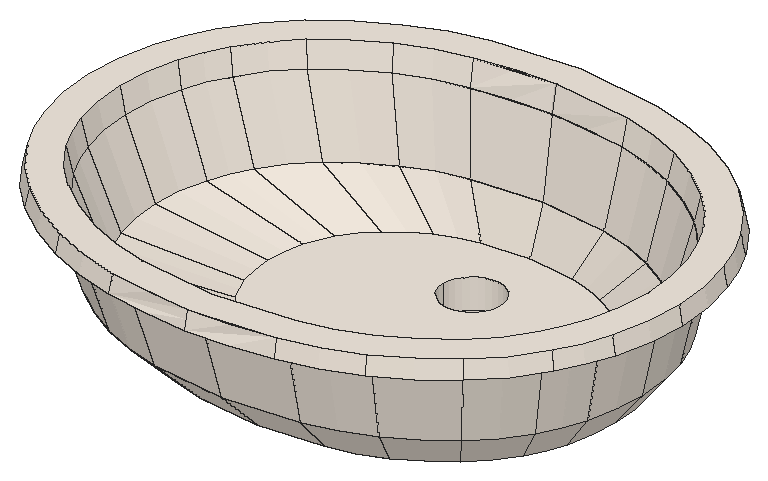
Revit family "Lav-Corian-North_America-Accessible-810", category Plumbing Fixtures, host Face, Revit 2015 (continued)
Automatic sketch dimensions
  SweptBlend 7 sketch curve to SweptBlend 7 sketch curve = 0' - 0.2937"  (x3)
  SweptBlend 7 sketch curve to SweptBlend 7 sketch curve = 0' - 0.19288"  (x2)
  SweptBlend 7 sketch curve to plane 3 "Center (Left/Right)" = 0' - 0.79283"  (x2)
  SweptBlend 7 sketch curve to SweptBlend 7 sketch curve = 0' - 0.12307"  (x4)
  SweptBlend 7 sketch curve to plane 3 "Center (Left/Right)" = 0' - 0.28989"  (x2)
  plane 3 "Center (Left/Right)" to SweptBlend 7 sketch curve = 0' - 0.19393"  (x2)
  plane 3 "Center (Left/Right)" to SweptBlend 7 sketch curve = 0' - 0.5738"  (x2)
  SweptBlend 7 sketch curve to SweptBlend 7 sketch curve = 0' - 0.59855"
  profile plane to SweptBlend 7 sketch curve = 0' - 9.06008"
  profile plane to SweptBlend 7 sketch curve = 0' - 3.99335"
  SweptBlend 7 sketch curve to SweptBlend 7 sketch curve = 0' - 0.25492"  (x4)
  SweptBlend 7 sketch curve to SweptBlend 7 sketch curve = 0' - 0.68926"  (x2)
  SweptBlend 7 sketch curve to SweptBlend 7 sketch curve = 0' - 0.17385"  (x4)
  SweptBlend 7 sketch curve to SweptBlend 7 sketch curve = 0' - 0.05626"  (x2)
  SweptBlend 7 sketch curve to SweptBlend 7 sketch curve = 0' - 0.0041"  (x2)
  SweptBlend 7 sketch curve to SweptBlend 7 sketch curve = 0' - 0.11662"  (x2)
  SweptBlend 7 sketch curve to SweptBlend 7 sketch curve = 0' - 0.91937"  (x2)
  SweptBlend 7 sketch curve to profile plane = 0' - 3.42606"
  SweptBlend 7 sketch curve to SweptBlend 7 sketch curve = 0' - 1.647"  (x2)
  SweptBlend 7 sketch curve to plane 3 "Center (Left/Right)" = 0' - 0.04798"  (x2)
  SweptBlend 7 sketch curve to plane 3 "Center (Left/Right)" = 0' - 1.46604"
  SweptBlend 7 sketch curve to SweptBlend 7 sketch curve = 0' - 0.22783"  (x3)
  SweptBlend 7 sketch curve to SweptBlend 7 sketch curve = 0' - 0.14962"  (x2)
  SweptBlend 7 sketch curve to plane 3 "Center (Left/Right)" = 0' - 0.62427"  (x2)
  SweptBlend 7 sketch curve to SweptBlend 7 sketch curve = 0' - 0.09547"  (x4)
  SweptBlend 7 sketch curve to plane 3 "Center (Left/Right)" = 0' - 0.23412"  (x2)
  plane 3 "Center (Left/Right)" to SweptBlend 7 sketch curve = 0' - 0.1412"  (x2)
  plane 3 "Center (Left/Right)" to SweptBlend 7 sketch curve = 0' - 0.43588"  (x2)
  SweptBlend 7 sketch curve to SweptBlend 7 sketch curve = 0' - 0.46432"
  profile plane to SweptBlend 7 sketch curve = 0' - 6.88038"
  profile plane to SweptBlend 7 sketch curve = 0' - 2.94994"
  SweptBlend 7 sketch curve to SweptBlend 7 sketch curve = 0' - 0.19775"  (x4)
  SweptBlend 7 sketch curve to SweptBlend 7 sketch curve = 0' - 0.53468"  (x2)
  SweptBlend 7 sketch curve to SweptBlend 7 sketch curve = 0' - 0.13486"  (x4)
  SweptBlend 7 sketch curve to SweptBlend 7 sketch curve = 0' - 0.04364"  (x2)
  SweptBlend 7 sketch curve to SweptBlend 7 sketch curve = 0' - 0.00318"  (x2)
  SweptBlend 7 sketch curve to SweptBlend 7 sketch curve = 0' - 0.09047"  (x2)
  SweptBlend 7 sketch curve to SweptBlend 7 sketch curve = 0' - 0.71319"  (x2)
  SweptBlend 7 sketch curve to profile plane = 0' - 2.80556"
  SweptBlend 7 sketch curve to SweptBlend 7 sketch curve = 0' - 1.27763"  (x2)
  SweptBlend 7 sketch curve to plane 3 "Center (Left/Right)" = 0' - 0.04646"  (x2)
  SweptBlend 8 sketch curve to plane 17 = 0' - 0.00086"
  plane 8 to SweptBlend 8 sketch curve = 0' - 0.2885"
  plane 15 to SweptBlend 8 sketch curve = 0' - 0.13874"
  profile plane to SweptBlend 8 sketch curve = 0' - 0"  (x4)
  SweptBlend 8 sketch curve to plane 3 "Center (Left/Right)" = 0' - 1.46604"
  SweptBlend 8 sketch curve to SweptBlend 8 sketch curve = 0' - 0"  (x51)
  SweptBlend 8 sketch curve to SweptBlend 8 sketch curve = 0' - 0.22783"  (x3)
  SweptBlend 8 sketch curve to SweptBlend 8 sketch curve = 0' - 0.14962"  (x2)
  SweptBlend 8 sketch curve to plane 3 "Center (Left/Right)" = 0' - 0.62427"  (x2)
  SweptBlend 8 sketch curve to SweptBlend 8 sketch curve = 0' - 0.09547"  (x4)
  SweptBlend 8 sketch curve to plane 3 "Center (Left/Right)" = 0' - 0.23412"  (x2)
  plane 3 "Center (Left/Right)" to SweptBlend 8 sketch curve = 0' - 0.1412"  (x2)
  plane 3 "Center (Left/Right)" to SweptBlend 8 sketch curve = 0' - 0.43588"  (x2)
  SweptBlend 8 sketch curve to SweptBlend 8 sketch curve = 0' - 0.46432"
  profile plane to SweptBlend 8 sketch curve = 0' - 1.12574"
  SweptBlend 8 sketch curve to SweptBlend 8 sketch curve = 0' - 0.19775"  (x4)
  SweptBlend 8 sketch curve to SweptBlend 8 sketch curve = 0' - 0.53468"  (x2)
  SweptBlend 8 sketch curve to SweptBlend 8 sketch curve = 0' - 0.13486"  (x4)
  SweptBlend 8 sketch curve to SweptBlend 8 sketch curve = 0' - 0.04364"  (x2)
  SweptBlend 8 sketch curve to SweptBlend 8 sketch curve = 0' - 0.00318"  (x2)
  SweptBlend 8 sketch curve to SweptBlend 8 sketch curve = 0' - 0.09047"  (x2)
  SweptBlend 8 sketch curve to SweptBlend 8 sketch curve = 0' - 0.71319"  (x2)
  SweptBlend 8 sketch curve to SweptBlend 8 sketch curve = 0' - 3.93044"
  SweptBlend 8 sketch curve to profile plane = 0' - 2 103/128"
  SweptBlend 8 sketch curve to SweptBlend 8 sketch curve = 0' - 1.27763"  (x2)
  SweptBlend 8 sketch curve to plane 3 "Center (Left/Right)" = 0' - 0.04646"  (x4)
  profile plane to SweptBlend 8 sketch curve = 0' - 0.1677"  (x2)
  SweptBlend 8 sketch curve to plane 3 "Center (Left/Right)" = 0' - 0.53028"
  SweptBlend 8 sketch curve to SweptBlend 8 sketch curve = 0' - 0.07765"  (x3)
  SweptBlend 8 sketch curve to SweptBlend 8 sketch curve = 0' - 0.05099"  (x2)
  SweptBlend 8 sketch curve to plane 3 "Center (Left/Right)" = 0' - 0.24339"  (x2)
  SweptBlend 8 sketch curve to profile plane = 0' - 0.01453"  (x2)
  SweptBlend 8 sketch curve to SweptBlend 8 sketch curve = 0' - 0.03254"  (x4)
  SweptBlend 8 sketch curve to plane 3 "Center (Left/Right)" = 0' - 0.11042"  (x2)
  plane 3 "Center (Left/Right)" to SweptBlend 8 sketch curve = 0' - 0.0175"  (x2)
  plane 3 "Center (Left/Right)" to SweptBlend 8 sketch curve = 0' - 0.11793"  (x2)
  SweptBlend 8 sketch curve to profile plane = 0' - 0.08192"
  SweptBlend 8 sketch curve to SweptBlend 8 sketch curve = 0' - 0.15825"
  SweptBlend 8 sketch curve to SweptBlend 8 sketch curve = 0' - 0.04596"  (x4)
  SweptBlend 8 sketch curve to SweptBlend 8 sketch curve = 0' - 0.01487"  (x2)
  SweptBlend 8 sketch curve to SweptBlend 8 sketch curve = 0' - 0.00108"  (x2)
  SweptBlend 8 sketch curve to SweptBlend 8 sketch curve = 0' - 0.03083"  (x2)
  SweptBlend 8 sketch curve to SweptBlend 8 sketch curve = 0' - 0.24307"  (x2)
  SweptBlend 8 sketch curve to SweptBlend 8 sketch curve = 0' - 0.0674"  (x3)
  SweptBlend 8 sketch curve to SweptBlend 8 sketch curve = 0' - 1.33957"  (x2)
  SweptBlend 8 sketch curve to SweptBlend 8 sketch curve = 0' - 0.43544"  (x2)
  SweptBlend 9 sketch curve to plane 17 = 0' - 0"
  SweptBlend 9 sketch curve to plane 13 "NAME" = 0' - 0"
  plane 15 to SweptBlend 9 sketch curve = 0' - 2.40111"
  SweptBlend 9 sketch curve to plane 3 "Center (Left/Right)" = 0' - 0"  (x4)
  SweptBlend 9 sketch curve to plane 3 "Center (Left/Right)" = 0' - 0.3186"  (x2)
  SweptBlend 9 sketch curve to plane 3 "Center (Left/Right)" = 0' - 0.8189"  (x2)
  SweptBlend 9 sketch curve to SweptBlend 9 sketch curve = 0' - 0.16209"  (x4)
  SweptBlend 9 sketch curve to SweptBlend 9 sketch curve = 0' - 0.78831"  (x2)
  SweptBlend 9 sketch curve to SweptBlend 9 sketch curve = 0' - 0"  (x54)
  SweptBlend 9 sketch curve to SweptBlend 9 sketch curve = 0' - 0.25402"  (x2)
  SweptBlend 9 sketch curve to SweptBlend 9 sketch curve = 0' - 0.38681"  (x4)
  plane 3 "Center (Left/Right)" to SweptBlend 9 sketch curve = 0' - 0.3186"  (x2)
  plane 3 "Center (Left/Right)" to SweptBlend 9 sketch curve = 0' - 0.8189"  (x2)
  profile plane to SweptBlend 9 sketch curve = 0' - 11 53/64"
  profile plane to SweptBlend 9 sketch curve = 0' - 5.15511"
  SweptBlend 9 sketch curve to SweptBlend 9 sketch curve = 0' - 0.33573"  (x4)
  SweptBlend 9 sketch curve to SweptBlend 9 sketch curve = 0' - 1.05256"  (x2)
  SweptBlend 9 sketch curve to SweptBlend 9 sketch curve = 0' - 0.15827"  (x2)
  SweptBlend 9 sketch curve to SweptBlend 9 sketch curve = 0' - 0.07069"  (x2)
  SweptBlend 9 sketch curve to SweptBlend 9 sketch curve = 0' - 0.0088"  (x2)
  SweptBlend 9 sketch curve to SweptBlend 9 sketch curve = 0' - 0.15019"  (x2)
  SweptBlend 9 sketch curve to SweptBlend 9 sketch curve = 0' - 0.22897"  (x2)
  SweptBlend 9 sketch curve to SweptBlend 9 sketch curve = 0' - 1.21083"  (x2)
  SweptBlend 9 sketch curve to profile plane = 0' - 4.76121"
  SweptBlend 9 sketch curve to plane 3 "Center (Left/Right)" = 0' - 2.38696"  (x2)
  SweptBlend 9 sketch curve to plane 3 "Center (Left/Right)" = 0' - 0.26154"  (x2)
  SweptBlend 9 sketch curve to plane 3 "Center (Left/Right)" = 0' - 0.67222"  (x2)
  SweptBlend 9 sketch curve to SweptBlend 9 sketch curve = 0' - 0.13306"  (x4)
  SweptBlend 9 sketch curve to SweptBlend 9 sketch curve = 0' - 0.64711"  (x2)
  SweptBlend 9 sketch curve to SweptBlend 9 sketch curve = 0' - 0.20852"  (x2)
  SweptBlend 9 sketch curve to SweptBlend 9 sketch curve = 0' - 0.31753"  (x4)
  plane 3 "Center (Left/Right)" to SweptBlend 9 sketch curve = 0' - 0.26154"  (x2)
  plane 3 "Center (Left/Right)" to SweptBlend 9 sketch curve = 0' - 0.67222"  (x2)
  profile plane to SweptBlend 9 sketch curve = 0' - 10.08525"
  profile plane to SweptBlend 9 sketch curve = 0' - 4.60749"
  SweptBlend 9 sketch curve to SweptBlend 9 sketch curve = 0' - 0.2756"  (x4)
  SweptBlend 9 sketch curve to SweptBlend 9 sketch curve = 0' - 0.86403"  (x2)
  SweptBlend 9 sketch curve to SweptBlend 9 sketch curve = 0' - 0.12992"  (x2)
  SweptBlend 9 sketch curve to SweptBlend 9 sketch curve = 0' - 0.05803"  (x2)
  SweptBlend 9 sketch curve to SweptBlend 9 sketch curve = 0' - 0.00723"  (x2)
  SweptBlend 9 sketch curve to SweptBlend 9 sketch curve = 0' - 0.12329"  (x2)
  SweptBlend 9 sketch curve to SweptBlend 9 sketch curve = 0' - 0.18796"  (x2)
  SweptBlend 9 sketch curve to SweptBlend 9 sketch curve = 0' - 0.99395"  (x2)
  SweptBlend 9 sketch curve to profile plane = 0' - 3.53267"
  SweptBlend 9 sketch curve to plane 3 "Center (Left/Right)" = 0' - 2.04214"  (x2)
  SweptBlend 10 sketch curve to plane 17 = 0' - 0"
  plane 15 to SweptBlend 10 sketch curve = 0' - 0.15111"
  SweptBlend 10 sketch curve to SweptBlend 10 sketch curve = 0' - 2 1/4"
  SweptBlend 10 sketch curve to plane 3 "Center (Left/Right)" = 0' - 0"  (x2)
  SweptBlend 10 sketch curve to plane 3 "Center (Left/Right)" = 0' - 0.26154"  (x2)
  SweptBlend 10 sketch curve to plane 3 "Center (Left/Right)" = 0' - 0.67222"  (x2)
  SweptBlend 10 sketch curve to SweptBlend 10 sketch curve = 0' - 0.13306"  (x4)
  SweptBlend 10 sketch curve to SweptBlend 10 sketch curve = 0' - 0.64711"  (x2)
  SweptBlend 10 sketch curve to SweptBlend 10 sketch curve = 0' - 0"  (x55)
  SweptBlend 10 sketch curve to SweptBlend 10 sketch curve = 0' - 0.20852"  (x2)
  SweptBlend 10 sketch curve to SweptBlend 10 sketch curve = 0' - 0.31753"  (x4)
  plane 3 "Center (Left/Right)" to SweptBlend 10 sketch curve = 0' - 0.26154"  (x2)
  plane 3 "Center (Left/Right)" to SweptBlend 10 sketch curve = 0' - 0.67222"  (x2)
  profile plane to SweptBlend 10 sketch curve = 0' - 10.08525"
  profile plane to SweptBlend 10 sketch curve = 0' - 4.60749"
  SweptBlend 10 sketch curve to SweptBlend 10 sketch curve = 0' - 0.2756"  (x4)
  SweptBlend 10 sketch curve to SweptBlend 10 sketch curve = 0' - 0.86403"  (x2)
  SweptBlend 10 sketch curve to SweptBlend 10 sketch curve = 0' - 0.12992"  (x2)
  SweptBlend 10 sketch curve to SweptBlend 10 sketch curve = 0' - 0.05803"  (x2)
  SweptBlend 10 sketch curve to SweptBlend 10 sketch curve = 0' - 0.00723"  (x2)
  SweptBlend 10 sketch curve to SweptBlend 10 sketch curve = 0' - 0.12329"  (x2)
  SweptBlend 10 sketch curve to SweptBlend 10 sketch curve = 0' - 0.18796"  (x2)
  SweptBlend 10 sketch curve to SweptBlend 10 sketch curve = 0' - 0.99395"  (x2)
  SweptBlend 10 sketch curve to profile plane = 0' - 3.53267"
  SweptBlend 10 sketch curve to plane 3 "Center (Left/Right)" = 0' - 2.04214"  (x2)
  SweptBlend 10 sketch curve to plane 3 "Center (Left/Right)" = 0' - 0.96171"
  SweptBlend 10 sketch curve to SweptBlend 10 sketch curve = 0' - 0.14689"  (x3)
  SweptBlend 10 sketch curve to SweptBlend 10 sketch curve = 0' - 0.09647"  (x2)
  SweptBlend 10 sketch curve to plane 3 "Center (Left/Right)" = 0' - 0.41899"  (x2)
  SweptBlend 10 sketch curve to SweptBlend 10 sketch curve = 0' - 0.06155"  (x4)
  SweptBlend 10 sketch curve to plane 3 "Center (Left/Right)" = 0' - 0.16745"  (x2)
  plane 3 "Center (Left/Right)" to SweptBlend 10 sketch curve = 0' - 0.07453"  (x2)
  plane 3 "Center (Left/Right)" to SweptBlend 10 sketch curve = 0' - 0.26452"  (x2)
  SweptBlend 10 sketch curve to SweptBlend 10 sketch curve = 0' - 0.29936"
  profile plane to SweptBlend 10 sketch curve = 0' - 4.0394"
  profile plane to SweptBlend 10 sketch curve = 0' - 1.50531"
  SweptBlend 10 sketch curve to SweptBlend 10 sketch curve = 0' - 0.1275"  (x4)
  SweptBlend 10 sketch curve to SweptBlend 10 sketch curve = 0' - 0.34473"  (x2)
  SweptBlend 10 sketch curve to SweptBlend 10 sketch curve = 0' - 0.08695"  (x4)
  SweptBlend 10 sketch curve to SweptBlend 10 sketch curve = 0' - 0.02814"  (x2)
  SweptBlend 10 sketch curve to SweptBlend 10 sketch curve = 0' - 0.00205"  (x2)
  SweptBlend 10 sketch curve to SweptBlend 10 sketch curve = 0' - 0.05833"  (x2)
  profile plane to SweptBlend 10 sketch curve = 0' - 0.45613"  (x2)
  SweptBlend 10 sketch curve to profile plane = 0' - 2.20546"
  SweptBlend 10 sketch curve to SweptBlend 10 sketch curve = 0' - 0.82373"  (x2)
  SweptBlend 10 sketch curve to plane 3 "Center (Left/Right)" = 0' - 0.04646"  (x2)
  Sweep 2 sketch curve to plane 3 "Center (Left/Right)" = 0' - 0"  (x2)
  Sweep 2 sketch curve to plane 5 = 0' - 0.20261"  (x2)
  plane 3 "Center (Left/Right)" to Sweep 2 sketch curve = 0' - 0 39/128"  (x2)
  plane 3 "Center (Left/Right)" to Sweep 2 sketch curve = 0' - 0.78319"  (x2)
  Sweep 2 sketch curve to Sweep 2 sketch curve = 0' - 0.15502"  (x4)
  Sweep 2 sketch curve to plane 1 "Center (Front/Back)" = 0' - 0.09604"  (x2)
  Sweep 2 sketch curve to Sweep 2 sketch curve = 0' - 0.75395"  (x2)
  Sweep 2 sketch curve to Sweep 2 sketch curve = 0' - 0"  (x24)
  Sweep 2 sketch curve to plane 1 "Center (Front/Back)" = 0' - 0.17206"
  Sweep 2 sketch curve to Sweep 2 sketch curve = 0' - 0.24294"  (x2)
  Sweep 2 sketch curve to plane 1 "Center (Front/Back)" = 0' - 0.39105"  (x2)
  Sweep 2 sketch curve to Sweep 2 sketch curve = 0' - 0.36995"  (x4)
  plane 1 "Center (Front/Back)" to Sweep 2 sketch curve = 0' - 0.05534"  (x2)
  Sweep 2 sketch curve to plane 3 "Center (Left/Right)" = 0' - 0 39/128"  (x2)
  Sweep 2 sketch curve to plane 3 "Center (Left/Right)" = 0' - 0.78319"  (x2)
  Sweep 2 sketch curve to plane 1 "Center (Front/Back)" = 0' - 0.16364"
  Sweep 2 sketch curve to plane 1 "Center (Front/Back)" = 0' - 1.39772"  (x2)
  Sweep 2 sketch curve to Sweep 2 sketch curve = 0' - 0.3211"  (x4)
  plane 4 to Sweep 2 sketch curve = 0' - 0.53832"  (x2)
  Sweep 2 sketch curve to Sweep 2 sketch curve = 0' - 0.14363"  (x2)
  Sweep 2 sketch curve to Sweep 2 sketch curve = 0' - 0.00842"  (x2)
  plane 1 "Center (Front/Back)" to Sweep 2 sketch curve = 0' - 1.06201"  (x2)
  Sweep 2 sketch curve to plane 11 = 0' - 0.26401"
  plane 12 to Sweep 2 sketch curve = 0' - 0.59971"
  plane 13 "NAME" to Sweep 2 sketch curve = 0' - 0"
  Sweep 2 sketch curve to Sweep 2 sketch curve = 0' - 0.45586"
  Sweep 2 sketch curve to Sweep 2 sketch curve = 0' - 0.17674"
  Sweep 2 sketch curve to Sweep 2 sketch curve = 0' - 0.46443"
  Sweep 2 sketch curve to plane 13 "NAME" = 0' - 0.51735"
  Sweep 2 sketch curve to Sweep 2 sketch curve = 0' - 0.10407"
  Sweep 2 sketch curve to profile plane = 0' - 0"
  Sweep 2 sketch curve to Sweep 2 sketch curve = 0' - 0.46923"
  Sweep 2 sketch curve to plane 13 "NAME" = 0' - 0.54715"
  Extrusion 1 sketch curve to plane 3 "Center (Left/Right)" = 0' - 0"  (x2)
  plane 3 "Center (Left/Right)" to Extrusion 1 sketch curve = 0' - 0 39/128"  (x2)
  Extrusion 1 sketch curve to plane 5 = 0' - 0.20261"  (x2)
  plane 3 "Center (Left/Right)" to Extrusion 1 sketch curve = 0' - 0.78319"  (x2)
  Extrusion 1 sketch curve to Extrusion 1 sketch curve = 0' - 0.15502"  (x4)
  Extrusion 1 sketch curve to plane 1 "Center (Front/Back)" = 0' - 0.09604"  (x2)
  Extrusion 1 sketch curve to Extrusion 1 sketch curve = 0' - 0.75395"  (x2)
  Extrusion 1 sketch curve to Extrusion 1 sketch curve = 0' - 0"  (x24)
  Extrusion 1 sketch curve to plane 1 "Center (Front/Back)" = 0' - 0.16364"
  Extrusion 1 sketch curve to Extrusion 1 sketch curve = 0' - 0.24294"  (x2)
  plane 1 "Center (Front/Back)" to Extrusion 1 sketch curve = 0' - 0.05534"  (x2)
  Extrusion 1 sketch curve to Extrusion 1 sketch curve = 0' - 0.36995"  (x4)
  Extrusion 1 sketch curve to plane 1 "Center (Front/Back)" = 0' - 0.39105"  (x2)
  Extrusion 1 sketch curve to plane 3 "Center (Left/Right)" = 0' - 0 39/128"  (x2)
  Extrusion 1 sketch curve to plane 3 "Center (Left/Right)" = 0' - 0.78319"  (x2)
  Extrusion 1 sketch curve to plane 1 "Center (Front/Back)" = 0' - 0.23967"
  Extrusion 1 sketch curve to plane 1 "Center (Front/Back)" = 0' - 1.39772"
  Extrusion 1 sketch curve to Extrusion 1 sketch curve = 0' - 1.15805"
  Extrusion 1 sketch curve to Extrusion 1 sketch curve = 0' - 0.3211"  (x4)
  plane 4 to Extrusion 1 sketch curve = 0' - 0.53832"  (x2)
  Extrusion 1 sketch curve to Extrusion 1 sketch curve = 0' - 0.14363"
  Extrusion 1 sketch curve to plane 1 "Center (Front/Back)" = 0' - 0.17206"
  Extrusion 1 sketch curve to Extrusion 1 sketch curve = 0' - 0.00842"  (x2)
  plane 1 "Center (Front/Back)" to Extrusion 1 sketch curve = 0' - 1.06201"  (x2)
  Extrusion 1 sketch curve to plane 11 = 0' - 0.10337"
  plane 12 to Extrusion 1 sketch curve = 0' - 0.43908"
  Masking region 1 sketch curve to plane 1 "Center (Front/Back)" = 0' - 0.29674"  (x2)
  plane 3 "Center (Left/Right)" to Masking region 1 sketch curve = 0' - 2.01919"
  plane 1 "Center (Front/Back)" to Masking region 1 sketch curve = 0' - 0.10397"  (x2)
  Masking region 1 sketch curve to Masking region 1 sketch curve = 0' - 0"  (x25)
  Masking region 1 sketch curve to plane 1 "Center (Front/Back)" = 0' - 0.09261"  (x2)
  Masking region 1 sketch curve to Masking region 1 sketch curve = 0' - 0.33209"  (x3)
  Masking region 1 sketch curve to plane 1 "Center (Front/Back)" = 0' - 0.16086"  (x2)
  Masking region 1 sketch curve to Masking region 1 sketch curve = 0' - 0.21809"  (x2)
  Masking region 1 sketch curve to plane 1 "Center (Front/Back)" = 0' - 0.03192"  (x2)
  plane 3 "Center (Left/Right)" to Masking region 1 sketch curve = 0' - 0.79221"  (x2)
  Masking region 1 sketch curve to Masking region 1 sketch curve = 0' - 0.13916"  (x4)
  plane 3 "Center (Left/Right)" to Masking region 1 sketch curve = 0' - 0.22353"  (x2)
  Masking region 1 sketch curve to plane 3 "Center (Left/Right)" = 0' - 0.32353"  (x2)
  Masking region 1 sketch curve to plane 3 "Center (Left/Right)" = 0' - 0.75306"  (x2)
  Masking region 1 sketch curve to Masking region 1 sketch curve = 0' - 0.67679"
  Masking region 1 sketch curve to plane 1 "Center (Front/Back)" = 0' - 1.20041"  (x2)
  Masking region 1 sketch curve to Masking region 1 sketch curve = 0' - 0.28824"  (x4)
  Masking region 1 sketch curve to plane 4 = 0' - 0.34481"  (x2)
  Masking region 1 sketch curve to Masking region 1 sketch curve = 0' - 0.00756"  (x2)
  plane 1 "Center (Front/Back)" to Masking region 1 sketch curve = 0' - 1.00763"  (x2)
  Masking region 1 sketch curve to plane 12 = 0' - 0.46242"  (x2)
  plane 12 to Masking region 1 sketch curve = 0' - 0.78643"
  Masking region 1 sketch curve to plane 11 = 0' - 0.59366"
  Masking region 1 sketch curve to plane 3 "Center (Left/Right)" = 0' - 0.05"  (x2)
  radius of curve 1 = 0' - 0.89754"
  radius of Extrusion 4 sketch curve = 0' - 0 7/8"
Connectors (in)
  piping at (0, 3.50056, -6.72244), diameter 1.75
    settings: on cut or joined group of SweptBlend 3, Extrusion 4, index 1, connector inside diameter 24", connector length 0' - 0", flow factor 0, pipe flow 0 GPM, pressure drop 0.00 psi, fitting loss kfactor 0, connector angle 0.00°, fixture units 0, engagement length 0' - 0", angle of deflection 0.00°, flow configuration 0, flow direction 2, fitting loss method 0, system type 16, joint type 0, gender type 0, connector reference index -1, connector utility 0, adjustable connector no, is connector primary yes, connector description "Drain"
